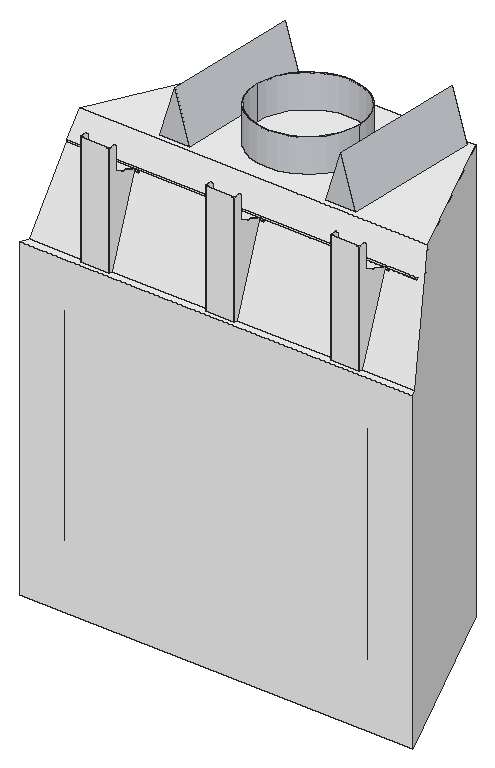
Revit family "WB44FB-montigo-residential", category Generic Models, Revit 2021
Family settings
  Can host rebar = No
  Round Connector Dimension = Use Diameter
  Part Type = Normal
  Work Plane-Based = No
  Always vertical = Yes
  Cut with Voids When Loaded = No
  Shared = No
  Room Calculation Point = No
Parameters
  URL = "https://www.montigo.com/"
  Model = ""
  Manufacturer Fax = ""
  Manufacturer Website = "https://www.montigo.com/"
  Manufacturer Phone - Toll Free = "800-378-3115"
  Manufacturer Phone = ""
  Manufacturer Address = "27342 Gloucester Way  Langley, BC, Canada   V4W 4A1"
  Manufacturer = "Montigo"
  Keynote = ""
  Glazing Tint = Glass - Montigo - Tint as Specified
  Frame Material = Metal - Montigo - Black
  Firebox Material = Metal - Montigo - White
  Description = "Montigo Fireplace as Specified"
  Default Elevation = 0"
Reference planes (in)
  plane 1 "Center (Front/Back)": y = 0
  plane 2: z = 0
  plane 3 "Center (Left/Right)": x = 0
Forms (in)
  Extrusion 1, solid, material "Metal - Montigo - White" <- "Firebox Material"
    sketch origin (189, -15, 0) x (1, 0, 0) y (0, 1, 0)
      loop
        line (-217.45203, 15) -> (-160.54797, 15) -> (-173.94117, 43.125) -> (-204.05883, 43.125) -> (-217.45203, 15)
    from 0 to 61.36504
  Extrusion 2, solid, material "Glass - Montigo - Tint as Specified" <- "Glazing Tint"
    sketch origin (193.1875, 3.48344, 0) x (-1, 0, 0) y (0, 0, -1)
      loop
        line (171.17207, -39.17725) -> (215.20376, -39.17725) -> (215.20376, -9.18732) -> (171.17207, -9.18732) -> (171.17207, -39.17725)
    from 3.48344 to 1.60844
  Extrusion 3, void
    sketch origin (0, 0, 0) x (0, 1, 0) y (0, 0, 1)
      loop
        line (6.83762, 61.63378) -> (6.83762, 63.88015) -> (-0.68446, 63.88015) -> (-0.68446, 45.83579) -> (1.08762, 45.83579) -> (6.83762, 61.63378)
    from -33.42386 to 37.93152
  Extrusion 4, solid, material "Metal - Montigo - White" <- "Firebox Material"
    sketch origin (0, 0, 0) x (1, 0, 0) y (0, 1, 0)
      loop
        arc (-20.22467, 0.712) -> (-20.19918, 0.65048) -> (-20.13767, 0.625) r 0.087
        line (-20.13767, 0.625) -> (-16.13767, 0.625)
        arc (-16.13767, 0.625) -> (-16.07615, 0.65048) -> (-16.05067, 0.712) r 0.087
        line (-16.05067, 0.712) -> (-16.05067, 5.15558)
        arc (-16.05067, 5.15558) -> (-16.03875, 5.18197) -> (-16.01167, 5.19222) r 0.03788
        line (-16.01167, 5.19222) -> (-15.45267, 5.19222) -> (-15.45267, 5.22541) -> (-16.01167, 5.22541)
        arc (-16.01167, 5.22541) -> (-16.05749, 5.20805) -> (-16.07767, 5.16339) r 0.0641
        line (-16.07767, 5.16339) -> (-16.07767, 0.712)
        arc (-16.07767, 0.712) -> (-16.09524, 0.66957) -> (-16.13767, 0.652) r 0.06
        line (-16.13767, 0.652) -> (-20.13767, 0.652)
        arc (-20.13767, 0.652) -> (-20.18009, 0.66957) -> (-20.19767, 0.712) r 0.06
        line (-20.19767, 0.712) -> (-20.19767, 5.16339)
        arc (-20.19767, 5.16339) -> (-20.21784, 5.20805) -> (-20.26367, 5.22541) r 0.0641
        line (-20.26367, 5.22541) -> (-20.82267, 5.22541) -> (-20.82267, 5.19222) -> (-20.26367, 5.19222)
        arc (-20.26367, 5.19222) -> (-20.23659, 5.18197) -> (-20.22467, 5.15558) r 0.03788
        line (-20.22467, 5.15558) -> (-20.22467, 0.712)
      loop
        arc (-2.087, 0.712) -> (-2.06152, 0.65048) -> (-2, 0.625) r 0.087
        line (-2, 0.625) -> (2, 0.625)
        arc (2, 0.625) -> (2.06152, 0.65048) -> (2.087, 0.712) r 0.087
        line (2.087, 0.712) -> (2.087, 5.15558)
        arc (2.087, 5.15558) -> (2.09892, 5.18197) -> (2.126, 5.19222) r 0.03788
        line (2.126, 5.19222) -> (2.685, 5.19222) -> (2.685, 5.22541) -> (2.126, 5.22541)
        arc (2.126, 5.22541) -> (2.08017, 5.20805) -> (2.06, 5.16339) r 0.0641
        line (2.06, 5.16339) -> (2.06, 0.712)
        arc (2.06, 0.712) -> (2.04243, 0.66957) -> (2, 0.652) r 0.06
        line (2, 0.652) -> (-2, 0.652)
        arc (-2, 0.652) -> (-2.04243, 0.66957) -> (-2.06, 0.712) r 0.06
        line (-2.06, 0.712) -> (-2.06, 5.16339)
        arc (-2.06, 5.16339) -> (-2.08017, 5.20805) -> (-2.126, 5.22541) r 0.0641
        line (-2.126, 5.22541) -> (-2.685, 5.22541) -> (-2.685, 5.19222) -> (-2.126, 5.19222)
        arc (-2.126, 5.19222) -> (-2.09892, 5.18197) -> (-2.087, 5.15558) r 0.03788
        line (-2.087, 5.15558) -> (-2.087, 0.712)
      loop
        arc (16.05067, 0.712) -> (16.07615, 0.65048) -> (16.13767, 0.625) r 0.087
        line (16.13767, 0.625) -> (20.13767, 0.625)
        arc (20.13767, 0.625) -> (20.19918, 0.65048) -> (20.22467, 0.712) r 0.087
        line (20.22467, 0.712) -> (20.22467, 5.15558)
        arc (20.22467, 5.15558) -> (20.23659, 5.18197) -> (20.26367, 5.19222) r 0.03788
        line (20.26367, 5.19222) -> (20.82267, 5.19222) -> (20.82267, 5.22541) -> (20.26367, 5.22541)
        arc (20.26367, 5.22541) -> (20.21784, 5.20805) -> (20.19767, 5.16339) r 0.0641
        line (20.19767, 5.16339) -> (20.19767, 0.712)
        arc (20.19767, 0.712) -> (20.18009, 0.66957) -> (20.13767, 0.652) r 0.06
        line (20.13767, 0.652) -> (16.13767, 0.652)
        arc (16.13767, 0.652) -> (16.09524, 0.66957) -> (16.07767, 0.712) r 0.06
        line (16.07767, 0.712) -> (16.07767, 5.16339)
        arc (16.07767, 5.16339) -> (16.05749, 5.20805) -> (16.01167, 5.22541) r 0.0641
        line (16.01167, 5.22541) -> (15.45267, 5.22541) -> (15.45267, 5.19222) -> (16.01167, 5.19222)
        arc (16.01167, 5.19222) -> (16.03875, 5.18197) -> (16.05067, 5.15558) r 0.03788
        line (16.05067, 5.15558) -> (16.05067, 0.712)
    from 45.83579 to 62.09179
  Extrusion 5, void
    sketch origin (0, 0, 0) x (0, 1, 0) y (0, 0, 1)
      loop
        line (1.875, 58.55691) -> (5.35041, 57.29197) -> (5.35041, 62.58746) -> (0.652, 62.58746) -> (0.652, 62.09179) -> (1.625, 62.09179) -> (1.875, 61.84179) -> (1.875, 58.55691)
    from -30.31125 to 24.87288
  Extrusion 6, solid
    sketch origin (0, 0, 0) x (1, 0, 0) y (0, 1, 0)
      loop
        circle (0, 16.625) r 7.5
      loop
        circle (0, 16.625) r 7.45044
    from 61.47304 to 66.3487
  Extrusion 7, void
    sketch origin (19.1875, -6.15625, 0) x (-1, 0, 0) y (0, 0, -1)
      loop
        line (41.20376, -39.17725) -> (41.20376, -9.18732) -> (-2.82793, -9.18732) -> (-2.82793, -39.17725) -> (41.20376, -39.17725)
    from -7.24387 to -8.03125
  Extrusion 8, solid
    sketch origin (189, -15, 61.36504) x (1, 0, 0) y (0, 1, 0)
      loop
        line (-203.23779, 22.5355) -> (-198.88723, 22.5355) -> (-198.88723, 42.5355) -> (-203.23779, 42.5355) -> (-203.23779, 22.5355)
    from 0 to 6.875
  Extrusion 9, void
    sketch origin (-14.23779, 7.5355, 61.36504) x (-1, 0, 0) y (0, 0, 1)
      loop
        line (0, 0) -> (0, 9) -> (-6.35056, 9) -> (-6.35056, 0) -> (-4.35056, 0) -> (-2.17528, 6.875) -> (0, 0)
    from 0 to 21.80205
  Extrusion 10, solid
    sketch origin (-189, -15, 61.36504) x (-1, 0, 0) y (0, -1, 0)
      loop
        line (-203.23779, -22.5355) -> (-203.23779, -42.5355) -> (-198.88723, -42.5355) -> (-198.88723, -22.5355) -> (-203.23779, -22.5355)
    from 0 to 6.875
  Extrusion 11, void
    sketch origin (14.23779, 7.5355, 61.36504) x (1, 0, 0) y (0, 0, -1)
      loop
        line (0, 0) -> (-2.17528, -6.875) -> (-4.35056, 0) -> (-6.35056, 0) -> (-6.35056, -9) -> (0, -9) -> (0, 0)
    from 0 to 21.80205
Cuts and joins
  Extrusion 3, Extrusion 5, Extrusion 7, Extrusion 9, Extrusion 11 cuts Extrusion 1
  Extrusion 5, Extrusion 9, Extrusion 11 cuts Extrusion 4
  joined: Extrusion 1, Extrusion 4
  Extrusion 9, Extrusion 11 cuts Extrusion 8
  Extrusion 11 cuts Extrusion 10
Lines and regions (in)
  symbolic lines, style "GenericModelHiddenLines"
    curve 1: line (-25.76409, 8.8637, 0) -> (-15.94263, 29.48825, 0)
    curve 2: line (-15.94263, 29.48825, 0) -> (15.94263, 29.48825, 0)
    curve 3: line (15.94263, 29.48825, 0) -> (25.76409, 8.8637, 0)
    curve 4: line (24.51476, 8.26876, 0) -> (25.76409, 8.8637, 0)
    curve 5: line (-25.76409, 8.8637, 0) -> (-24.51476, 8.26876, 0)
Dimensions and locks (in)
  aligned and locked: level to plane 2
Connectors (in)
  hvac at (0, 16.625, 66.3487)
    settings: on Extrusion 6, index 1, duct flow 0.0 L/s, flow factor 0, pres drop 0.0 Pa, loss coef 0, conn angle 0.00°, conn width 304.8 mm, conn height 304.8 mm, conn diameter 381 mm, duct sys type 3, conn prof type 0, flow config 0, flow direction 0, loss method 0, conn ref index -1, conn util no, is conn primary yes, conn desc ""
